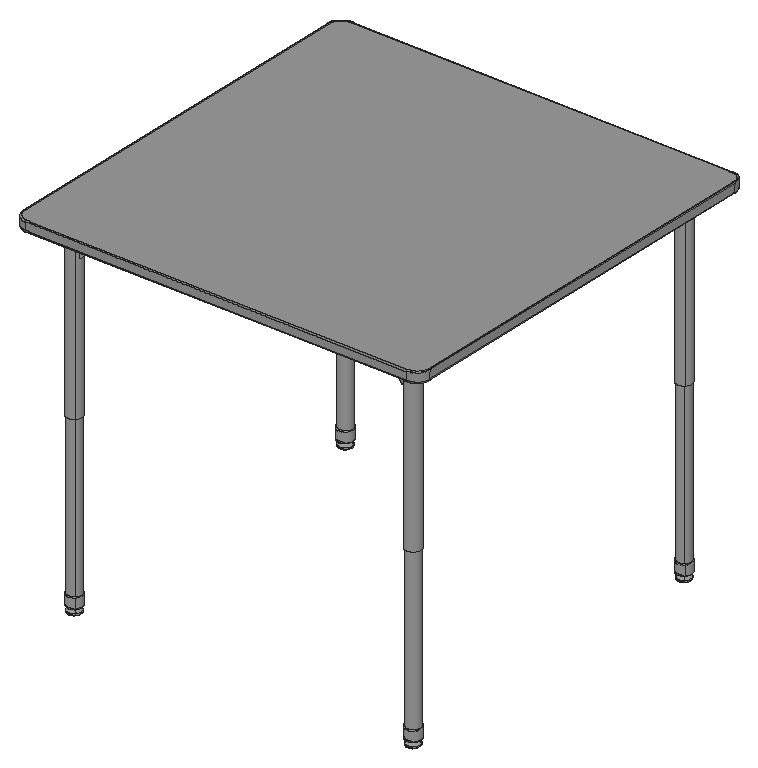
Revit family "Hierarchy Activity 48in Square Table - Standing Height", category Furniture, Revit 2018
Family settings
  Work Plane-Based = No
  Always vertical = Yes
  Cut with Voids When Loaded = No
  Shared = No
  Room Calculation Point = No
Parameters
  Table Height = 3' - 5"
  Surface = Hierarchy Activity 48" Square Table Standing Surface
  Leg Finish = Hierarchy Leg Platinum
  Edgeband = Hierarchy Activity 48" Square Table Standing Edgeband
  Caster/Glide = Hierarchy Standing Leg - Glide : Hierarchy Standing Leg - Glide
Reference planes (in)
  plane 1 "Center (Front/Back)": y = 0
  plane 2: z = 0
  plane 3 "Center (Left/Right)": x = 0
  plane 4: z = 41
Dimensions and locks (in)
  "Table Height": plane 4 to level
  aligned and locked: plane 2 to level
  aligned and locked: nested 1 to plane 4
Nested families (in)
  nested 1: "Activity 48x48 Tabletop" at (0, 0, 17.075), type "Activity 48x48 Tabletop"
  nested 2: "Hierarchy Standing Leg - Glide" at (-20, 20, 0) x (0.7071, 0.7071, 0) z (0, 0, 1), type <- "Caster/Glide", Leg Finish <- "Leg Finish", Leg Height <- "Table Height", type "Hierarchy Standing Leg - Glide"
  nested 3: "Hierarchy Standing Leg - Glide" at (-20, -20, 0) x (-0.7071, 0.7071, 0) z (0, 0, 1), type <- "Caster/Glide", Leg Finish <- "Leg Finish", Leg Height <- "Table Height", type "Hierarchy Standing Leg - Glide"
  nested 4: "Hierarchy Standing Leg - Glide" at (20, -20, 0) x (-0.7071, -0.7071, 0) z (0, 0, 1), Leg Finish <- "Leg Finish", Leg Height <- "Table Height", type "Hierarchy Standing Leg - Glide"
    with Leg Height 3' - 5", Leg Finish Hierarchy Leg Platinum
  nested 5: "Hierarchy Standing Leg - Glide" at (20, 20, 0) x (0.7071, -0.7071, 0) z (0, 0, 1), Leg Finish <- "Leg Finish", Leg Height <- "Table Height", type "Hierarchy Standing Leg - Glide"
    with Leg Height 3' - 5", Leg Finish Hierarchy Leg Platinum
Definition of nested family "Activity 48x48 Tabletop"
  Parameters (values of type "Activity 48x48 Tabletop")
    Surface = none
    Edgeband = none
  Reference planes (in)
    plane 1 "Center (Front/Back)": y = 0
    plane 2: z = 0
    plane 3 "Center (Left/Right)": x = 0
  Forms (in)
    Extrusion 1, solid, material <- "Surface"
      sketch origin (0, 3, 0) x (1, 0, 0) y (0, 1, 0)
        loop
          line (22.5, 20.88281) -> (-22.5, 20.88281)
          arc (-22.5, 20.88281) -> (-23.47714, 20.47807) -> (-23.88189, 19.50092) r 1.38189
          line (-23.88189, 19.50092) -> (-23.88189, -25.50092)
          arc (-23.88189, -25.50092) -> (-23.47714, -26.47807) -> (-22.5, -26.88281) r 1.38189
          line (-22.5, -26.88281) -> (22.5, -26.88281)
          arc (22.5, -26.88281) -> (23.47714, -26.47807) -> (23.88189, -25.50092) r 1.38189
          line (23.88189, -25.50092) -> (23.88189, 19.50092)
          arc (23.88189, 19.50092) -> (23.47714, 20.47807) -> (22.5, 20.88281) r 1.38189
      from 23.925 to 25.125
    Sweep 2, solid, material <- "Edgeband"
      path origin (0, 3, 0) x (1, 0, 0) y (0, 1, 0)
        loop
          line (22.5, 20.88281) -> (-22.5, 20.88281)
          arc (-22.5, 20.88281) -> (-23.47714, 20.47807) -> (-23.88189, 19.50092) r 1.38189
          line (-23.88189, 19.50092) -> (-23.88189, -25.50092)
          arc (-23.88189, -25.50092) -> (-23.47714, -26.47807) -> (-22.5, -26.88281) r 1.38189
          line (-22.5, -26.88281) -> (22.5, -26.88281)
          arc (22.5, -26.88281) -> (23.47714, -26.47807) -> (23.88189, -25.50092) r 1.38189
          line (23.88189, -25.50092) -> (23.88189, 19.50092)
          arc (23.88189, 19.50092) -> (23.47714, 20.47807) -> (22.5, 20.88281) r 1.38189
      profile origin (0, 23.88281, 0) x (0, -1, 0) y (0, 0, 1)
        loop
          arc (-0.11811, 24.04311) -> (-0.08352, 23.95959) -> (0, 23.925) r 0.11811
          line (0, 23.925) -> (0, 25.125)
          arc (0, 25.125) -> (-0.08352, 25.09041) -> (-0.11811, 25.00689) r 0.11811
          line (-0.11811, 25.00689) -> (-0.11811, 24.04311)
  Dimensions and locks (in)
    aligned and locked: plane 2 to level
Definition of nested family "Hierarchy Standing Leg - Glide"
  Parameters (values of type "Hierarchy Standing Leg - Glide")
    Leg Finish [instance] = none
    Leg Height [instance] = 3' - 5"
  Reference planes (in)
    plane 1 "Center (Front/Back)": y = 0
    plane 2: z = 0
    plane 3 "Center (Left/Right)": x = 0
  Forms (in)
    Extrusion 1, solid
      sketch origin (-0.01562, 0, 0) x (1, 0, 0) y (0, 1, 0)
        loop
          circle (0.01563, 0) r 0.79147
      from 2 to 23.175
    Revolve 2, solid
      sketch origin (0, 0, 0) x (1, 0, 0) y (0, 0, 1)
        loop
          line (0, 2) -> (0, 0.74937) -> (0.84838, 0.74937)
          arc (0.84838, 0.74937) -> (0.89342, 0.76803) -> (0.91207, 0.81306) r 0.06369
          line (0.91207, 0.81306) -> (0.91207, 1.93631)
          arc (0.91207, 1.93631) -> (0.89342, 1.98134) -> (0.84838, 2) r 0.06369
          line (0.84838, 2) -> (0, 2)
        axis (0, 2) -> (0, 0.74937)
      angle from 0 to 360
    Revolve 3, solid
      sketch origin (0, 0, 0) x (1, 0, 0) y (0, 0, 1)
        loop
          line (0, 0.75) -> (0, 0) -> (0.74583, 0) -> (0.79147, 0.09013) -> (0.79147, 0.16241) -> (0.12474, 0.5) -> (0.12474, 0.75) -> (0, 0.75)
        axis (0, 0.75) -> (0, 0)
      angle from 0 to 360
  Dimensions and locks (in)
    "Leg Height": nested 1 to level
    aligned and locked: plane 2 to level
  Automatic sketch dimensions
    plane 1 "Center (Front/Back)" to Extrusion 1 sketch curve = 0' - 0"
    Extrusion 1 sketch curve to plane 3 "Center (Left/Right)" = 0' - 0"
    Revolve 2 sketch curve to plane 3 "Center (Left/Right)" = 0' - 0"  (x2)
    plane 3 "Center (Left/Right)" to Revolve 2 sketch curve = 0' - 0.84838"
    Revolve 2 sketch curve to Revolve 2 sketch curve = 0' - 0.84838"
    Revolve 2 sketch curve to Revolve 2 sketch curve = 0' - 0.06369"
    level to Revolve 2 sketch curve = 0' - 0.74937"
    Revolve 2 sketch curve to Revolve 2 sketch curve = 0' - 1.12324"
    Revolve 2 sketch curve to Revolve 2 sketch curve = 0' - 0.13731"
    Revolve 2 sketch curve to Revolve 2 sketch curve = 0' - 0 3/4"
    Revolve 3 sketch curve to plane 3 "Center (Left/Right)" = 0' - 0"  (x2)
    Revolve 3 sketch curve to level = 0' - 0"
    plane 3 "Center (Left/Right)" to Revolve 3 sketch curve = 0' - 0.12474"
    plane 3 "Center (Left/Right)" to Revolve 3 sketch curve = 0' - 0.74583"
    Revolve 3 sketch curve to Revolve 3 sketch curve = 0' - 0.04564"
    level to Revolve 3 sketch curve = 0' - 0.09013"
    Revolve 3 sketch curve to Revolve 3 sketch curve = 0' - 0.07228"
    level to Revolve 3 sketch curve = 0' - 0 1/2"
    Revolve 3 sketch curve to Revolve 3 sketch curve = 0' - 0 1/4"
    Revolve 3 sketch curve to level = 0' - 0 1/8"
    Revolve 3 sketch curve to Revolve 3 sketch curve = 0' - 0 1/8"
    radius of Extrusion 1 sketch curve = 0' - 0.79147"
  Nested families (in)
    nested 1: "Hierarchy Standing Upper Leg 2023" at (0, 0, 0.19983), Leg Finish <- "Leg Finish", type "Hierarchy Standing Upper Leg 2023"
      with Leg Finish none
  Definition of nested family "Hierarchy Standing Upper Leg 2023"
    Parameters (values of type "Hierarchy Standing Upper Leg 2023")
      Leg Finish [instance] = none
    Reference planes (in)
      plane 1 "Center (Front/Back)": y = 0
      plane 2: z = 0
      plane 3 "Center (Left/Right)": x = 0
    Forms (in)
      Extrusion 1, solid, material <- "Leg Finish"
        sketch origin (0, 0, 0) x (1, 0, 0) y (0, 1, 0)
          loop
            circle (0, 0) r 0.9129
        from 20.67418 to 40.67418
      Extrusion 2, solid, material <- "Leg Finish"
        sketch origin (0, 0, 12.998) x (1, 0, 0) y (0, 1, 0)
          loop
            line (-1.70174, 0.19183) -> (-3.96611, -4.49738)
            arc (-3.96611, -4.49738) -> (-3.91977, -5.33444) -> (-3.18615, -5.74016) r 0.86614
            line (-3.18615, -5.74016) -> (3.18615, -5.74016)
            arc (3.18615, -5.74016) -> (3.91977, -5.33444) -> (3.96611, -4.49738) r 0.86614
            line (3.96611, -4.49738) -> (1.70174, 0.19183)
            arc (1.70174, 0.19183) -> (0, 1.25984) -> (-1.70174, 0.19183) r 1.88976
        from 27.67618 to 27.80217
      Extrusion 3, solid, material <- "Leg Finish"
        sketch origin (12.41967, 1.58692, 0) x (0.434844, 0.900506, 0) y (0, 0, 1)
          loop
            arc (-12.68776, 40.67418) -> (-12.80559, 40.56418) -> (-12.70394, 40.43908) r 0.11811
            arc (-12.70394, 40.43908) -> (-9.98192, 39.53509) -> (-7.76426, 37.71614) r 7.87402
            arc (-7.76426, 37.71614) -> (-7.63344, 37.68136) -> (-7.55587, 37.79229) r 0.11811
            line (-7.55587, 37.79229) -> (-7.55587, 40.67418) -> (-12.68776, 40.67418)
        from -11.10976 to -10.98378
      Extrusion 4, solid, material <- "Leg Finish"
        sketch origin (-12.41967, 1.58692, 0) x (-0.434844, 0.900506, 0) y (0, 0, -1)
          loop
            line (-12.68776, -40.67418) -> (-7.55587, -40.67418) -> (-7.55587, -37.79229)
            arc (-7.55587, -37.79229) -> (-7.63344, -37.68136) -> (-7.76426, -37.71614) r 0.11811
            arc (-7.76426, -37.71614) -> (-9.98192, -39.53509) -> (-12.70394, -40.43908) r 7.87402
            arc (-12.70394, -40.43908) -> (-12.80559, -40.56418) -> (-12.68776, -40.67418) r 0.11811
        from -11.10976 to -10.98378
    Dimensions and locks (in)
      aligned and locked: plane 2 to level
